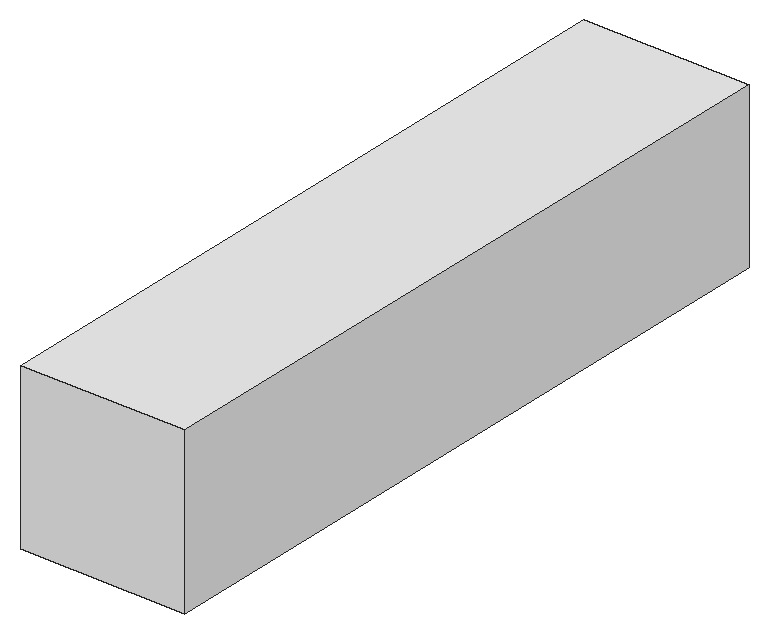
Revit family "Sanitary_Accessories_57116-PRESTO-Linea-Wall-mounted-single-sensor-tap-FR", category Pipe Accessories, Revit 2018
Family settings
  Round Connector Dimension = Use Diameter
  Part Type = Normal
  Work Plane-Based = No
  Always vertical = Yes
  Cut with Voids When Loaded = No
  Shared = No
Parameters (values of type "57116 PRESTO Linea  - Robinet simple électronique mural pour lavabo")
  Youtube clip = ""
  Weight Net (Kg) = ""
  Uniformat II Description = ""
  Uniformat II Code = ""
  Uniclass 2015 Name = ""
  Uniclass 2015 Code = ""
  Uniclass 2.0 Description = ""
  Uniclass 2.0 Code = ""
  Uniclass 1.4 Description = ""
  Uniclass 1.4 Code = ""
  URL du produit = "http://www.prestodatashare.com/centretelechargement/index.php?lang=FR&refs=57116"
  URL = "http://www.presto.fr"
  UNSPSC Code = ""
  Technical description = "http://www.prestodatashare.com/espacedoc/Fiches_Techniques/GB/57116.pdf"
  Region South America = ""
  Region Oceania = ""
  Region North America = ""
  Region Middle East = ""
  Region Europe = ""
  Region Asia = ""
  Region Antarctica = ""
  Region Africa = ""
  Raccordement = "Alimentation hydraulique : Flexible G 3/8'' (12x17)\r\nAlimentation électrique basse tension (12-24V AC/DC) dans boîtier externe IP65 étanche (transformateur 230V AC / 12-24V AC/DC non fourni)\r\nCompatible avec transformateur 230 V AC / 12 V AC non fourni. (Voir Réf. 90464 / 90711/ 90610 / 90685 / 90704 / 90686)"  # constant formula
  QR code = "https://www.bimobject.com/presto/product/pre-linea-57116"
  Profondeur = 257.5 mm  # constant formula
  Product url = "http://www.prestodatashare.com/centretelechargement/index.php?lang=GB&refs=57116"
  Product name = "57116 PRESTO Linea - Wall-mounted single sensor tap"
  Product group = "Washbasin"
  Product family = "Sanitary"
  Product data url = "https://www.bimobject.com/presto/product/pre-linea-57116"
  Product certification = ""
  Product SKU = "PRE-LINEA-57116"
  Product Guid = "6fae9690-cb0d-4838-856c-e52733c5d0ef"
  Pression [instance] = "1 à 5 bars"  # constant formula
  Perte de charge [instance] = 5.00 bar
  OmniClass Description = ""
  OmniClass Code = ""
  NBS Reference Description = ""
  NBS Reference Code = ""
  Model = "57116"
  Matériau [instance] = Corps en laiton chromé, intérieur lisse
  Masterformat 2014 Description = ""
  Masterformat 2014 Code = ""
  Manufacturer name = "Presto"
  Manufacturer country = ""
  Manufacturer = "LES ROBINETS PRESTO S.A."  # constant formula
  Lien notice d'utilisation = "http://www.prestodatashare.com/centretelechargement/support.php?ref=57116&lang=FR"
  Lien fiche produit = "http://www.prestodatashare.com/espacedoc/Fiches_Techniques/FR/57116.pdf"
  Lien CCTP = "http://www.prestodatashare.com/centretelechargement/index.php?lang=FR&refs=57116"
  Largeur = 60 mm  # constant formula
  Installation instructions = "http://www.prestodatashare.com/centretelechargement/support.php?ref=57116&lang=GB"
  IFC Classification = ""
  Hauteur = 60 mm  # constant formula
  Garantie = "10 ans"  # constant formula
  Fonction = "Débit : 1,9 l/mn par régulateur de débit intégré\r\nAérateur anti-tartre haute qualité\r\n"  # constant formula
  Flux = 1.9 L/min
  Edition number = 1
  EAN code = ""
  Diamètre Nominal = 9.5 mm  # constant formula
  Design country = ""
  Description = "Traversée de cloison, 12-24V, 1,9l/min sans robinets d'arrêt\r\nDéclenchement sans contact adapté PMR"  # constant formula
  Date of publishing = ""
  COBIe Type Category = ""
  Brand url = ""
  BIMobject category = "Sanitary Accessories"
  Adresse = "7, RUE RACINE - 92542 MONTROUGE CEDEX FRANCE"  # constant formula
Reference planes
  plane 1 "Center (Front/Back)": y = 0
  plane 2: z = 0
  plane 3 "Center (Left/Right)": x = 0
  plane 4: x = -30
  plane 5: x = 30
  plane 6: y = -257.5
  plane 7: z = 60
Forms (mm)
  Extrusion 1, solid, material "Corps en laiton chromé, intérieur lisse" <- "Matériau", detail levels fine
    sketch origin (0, 0, 0) x (1, 0, 0) y (0, 1, 0)
      loop
        line (-30, 0) -> (-30, -257.5) -> (30, -257.5) -> (30, 0) -> (-30, 0)
    from 0 to 60
Lines and regions (mm)
  symbolic lines
    curve 1: line (-30, 0, 0) -> (30, 0, 0)
    curve 2: line (30, 0, 0) -> (-30, -257.5, 0)
    curve 3: line (-30, -257.5, 0) -> (30, -257.5, 0)
    curve 4: line (30, -257.5, 0) -> (-30, 0, 0)
  model lines, detail levels coarse+medium
    curve 5: line (-30, -257.5, 30) -> (30, -257.5, 30)
    curve 6: line (30, -257.5, 30) -> (-30, 0, 30)
    curve 7: line (-30, 0, 30) -> (30, 0, 30)
    curve 8: line (30, 0, 30) -> (-30, -257.5, 30)
Dimensions and locks
  equal spacing: plane 4, plane 3 "Center (Left/Right)", plane 5
  "Largeur": plane 4 to plane 5
  "Hauteur": plane 7 to level
  "Profondeur": plane 6 to plane 1 "Center (Front/Back)"
  aligned and locked: plane 2 to level
  aligned and locked: Extrusion 1 sketch curve to plane 4
  aligned and locked: plane 5 to Extrusion 1 sketch curve
  aligned and locked: Extrusion 1 sketch curve to plane 6
  aligned and locked: plane 7 to Extrusion 1
  aligned and locked: Extrusion 1 to plane 1 "Center (Front/Back)"
  aligned and locked: plane 6 to Extrusion 1
  aligned and locked: plane 4 to curve 4
  aligned and locked: curve 3 to plane 4
  aligned and locked: plane 5 to curve 2
  aligned and locked: plane 5 to curve 4
  aligned and locked: plane 6 to curve 4
  aligned and locked: plane 6 to curve 3
  aligned and locked: plane 1 "Center (Front/Back)" to curve 4
  aligned and locked: plane 1 "Center (Front/Back)" to curve 2
Automatic sketch dimensions
  plane 1 "Center (Front/Back)" to Extrusion 1 sketch curve = 0 mm
  curve 8 to plane 4 = 0 mm
  plane 1 "Center (Front/Back)" to curve 7 = 0 mm
  curve 7 to plane 4 = 0 mm
  curve 7 to plane 5 = 0 mm
  curve 6 to plane 5 = 0 mm
  plane 6 to curve 5 = 0 mm
Connectors
  piping at (0, 0, 30), diameter 9.5, driven by "Diamètre Nominal", driven by "Flux", driven by "Perte de charge"
    settings: on Extrusion 1, index 1, connector inside diameter 24", connector length 0 mm, flow factor 0, pipe flow 1.9 L/min, pressure drop 5.00 bar, fitting loss kfactor 0, connector angle 0.00°, fixture units 0, engagement length 0 mm, angle of deflection 0.00°, flow configuration 0, flow direction 1, fitting loss method 4, system type 20, joint type 0, gender type 0, connector reference index -1, connector utility 0, adjustable connector no, is connector primary yes, connector description "Water input"
